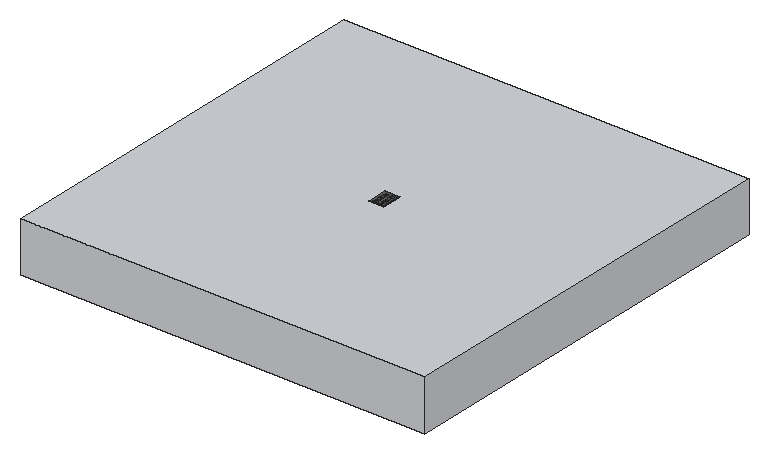
Revit family "Capacitive_touch_switch-TMDP6-AA_-AW_-PA_-PS_PW", category Equipos especializados, Revit 2018
Family settings
  Anfitrión = Cara
  Cota de conector redondo = Diámetro de uso
  Tipo de pieza = Normal
  Corte con vacíos al cargar = No
  Compartido = No
  Punto de cálculo de habitación = No
Parameters (values of type "ZVI-TMDP6-AA_flush")
  Width = 90.2 mm  # constant formula
  Weight = if(Constraints = 1, "180g", if(Constraints = 2, "140g", ""))  # "180g"
  Voltage typical (KNX supply) = "29VDC SELV"  # constant formula
  Voltage range (KNX supply) = "21...31VDC"  # constant formula
  URL = "http://www.zennio.com/en"
  Comentarios de tipo = "Completely customized image for printout glass through web application"  # constant formula
  Thermostats = 1  # constant formula
  Temperature sensor = "Built-in temperature sensor"  # constant formula
  Surface = if(Constraints3 = 1, 1 = 1, 1 = 0)  # no
  Storage temperature = "-20ºC to +60ºC"  # constant formula
  Storage humidity = "30 to 85% RH (no condensation)"  # constant formula
  Protection class = "III"  # constant formula
  Product Page URL = "http://www.zennio.com/products/capacitive-switch/tmd-plus"
  PCB CTI index = "175 V"  # constant formula
  Orientation = "Vertical or horizontal position"  # constant formula
  Operation type = "Continuous operation"  # constant formula
  Operating temperature = "5ºC to +40ºC"  # constant formula
  Operating humidity = "30 to 85% RH (no condensation)"  # constant formula
  Modelo = if(and(Constraints = 1, Constraints2 = 1, Constraints3 = 1), "ZVI-TMDP6-AA_surface", if(and(Constraints = 1, Constraints2 = 1, Constraints3 = 2), "ZVI-TMDP6-AA_flush", if(and(Constraints = 2, Constraints2 = 1, Constraints3 = 1), "ZVI-TMDP6-PA_surface", if(and(Constraints = 2, Constraints2 = 1, Constraints3 = 2), "ZVI-TMDP6-PA_flush", if(and(Constraints = 1, Constraints2 = 2, Constraints3 = 1), "ZVI-TMDP6_surface", if(and(Constraints = 1, Constraints2 = 2, Constraints3 = 2), "ZVI-TMDP6_flush", if(and(Constraints = 2, Constraints2 = 2, Constraints3 = 1), "ZVI-TMDP6-P_surface", if(and(Constraints = 2, Constraints2 = 2, Constraints3 = 2), "ZVI-TMDP6-P_flush", if(and(Constraints = 1, Constraints2 = 3, Constraints3 = 1), "ZVI-TMDP6-AW_surface", if(and(Constraints = 1, Constraints2 = 3, Constraints3 = 2), "ZVI-TMDP6-AW_flush", if(and(Constraints = 2, Constraints2 = 3, Constraints3 = 1), "ZVI-TMDP6-PW_surface", if(and(Constraints = 2, Constraints2 = 3, Constraints3 = 2), "ZVI-TMDP6-PW_flush", " "))))))))))))  # "ZVI-TMDP6-AA_flush"
  Maximum consumption 29 VDC typical = "7mA"  # constant formula
  Maximum consumption 24 VDC = "8,5mA"  # constant formula
  Manufacturer Phone Number = "+34 925 232 002"  # constant formula
  Manufacturer Email = "info@zennio.com"  # constant formula
  Manufacturer Address = "C/ Río Jarama, 132. Nave P-8.11. 45007 Toledo. España"  # constant formula
  Fabricante = "Zennio Avance y Tecnología, S.L."  # constant formula
  Nota clave = "6 main touch areas and 5 auxiliary touch areas. State LED indicators with custom luminosity"  # constant formula
  Housing material = PC/ABS FR V0 halogen free - Anthracite
  Height = 122.7 mm  # constant formula
  Frame material = Aluminium frame
  Flush = if(Constraints3 = 2, 1 = 1, 1 = 0)  # yes
  Fit = "Magnetic fit. Metallic stand included"  # constant formula
  External power supply connection = "No power supply different from the bus needed"  # constant formula
  Electrical stress period = "Long"  # constant formula
  Device action type = "Type 1"  # constant formula
  Descripción = "KNX Capacitive Touch Switch with 6 buttons"  # constant formula
  Depth_total = 25 mm  # constant formula
  Depth = 12 mm  # constant formula
  Degree of protection = "IP20, clean environment"  # constant formula
  Default Elevation = 1219.2 mm
  Copyright = "© 2017 Zennio Avance y Tecnología, S.L."  # constant formula
  Constraints3 = 2
  Constraints2 = 1
  Constraints = 1
  Connection type = "Typical TP1 bus connector for rigid cable 0.80 mm diameter"  # constant formula
  Complementary characteristics = "Class B"  # constant formula
  BCU = "Integrated KNX BCU"  # constant formula
  Analog/digital inputs = 2  # constant formula
Types (13, lengths in mm): name | Weight | Surface | Modelo | Housing material | Frame material | Flush | Constraints3 | Constraints2 | Constraints
  (no name) | "180g" | no | "ZVI-TMDP6-AA_flush" | PC/ABS FR V0 halogen free - Anthracite | Aluminium frame | yes | 2 | 1 | 1
  ZVI-TMDP6-PA_surface | "140g" | yes | "ZVI-TMDP6-PA_surface" | PC/ABS FR V0 halogen free - Anthracite | Polycarbonate frame - Anthracite | no | 1 | 1 | 2
  ZVI-TMDP6-PA_flush | "140g" | no | "ZVI-TMDP6-PA_flush" | PC/ABS FR V0 halogen free - Anthracite | Polycarbonate frame - Anthracite | yes | 2 | 1 | 2
  ZVI-TMDP6-AA_surface | "180g" | yes | "ZVI-TMDP6-AA_surface" | PC/ABS FR V0 halogen free - Anthracite | Aluminium frame | no | 1 | 1 | 1
  ZVI-TMDP6-AA_flush | "180g" | no | "ZVI-TMDP6-AA_flush" | PC/ABS FR V0 halogen free - Anthracite | Aluminium frame | yes | 2 | 1 | 1
  ZVI-TMDP6-AW_surface | "180g" | yes | "ZVI-TMDP6-AW_surface" | PC/ABS FR V0 halogen free - White | Aluminium frame | no | 1 | 3 | 1
  ZVI-TMDP6-PW_surface | "140g" | yes | "ZVI-TMDP6-PW_surface" | PC/ABS FR V0 halogen free - White | Polycarbonate frame - White | no | 1 | 3 | 2
  ZVI-TMDP6-AW_flush | "180g" | no | "ZVI-TMDP6-AW_flush" | PC/ABS FR V0 halogen free - White | Aluminium frame | yes | 2 | 3 | 1
  ZVI-TMDP6-PW_flush | "140g" | no | "ZVI-TMDP6-PW_flush" | PC/ABS FR V0 halogen free - White | Polycarbonate frame - White | yes | 2 | 3 | 2
  ZVI-TMDP6_surface | "180g" | yes | "ZVI-TMDP6_surface" | PC/ABS FR V0 halogen free - Silver | Aluminium frame | no | 1 | 2 | 1
  ZVI-TMDP6-P_surface | "140g" | yes | "ZVI-TMDP6-P_surface" | PC/ABS FR V0 halogen free - Silver | Polycarbonate frame - Silver | no | 1 | 2 | 2
  ZVI-TMDP6_flush | "180g" | no | "ZVI-TMDP6_flush" | PC/ABS FR V0 halogen free - Silver | Aluminium frame | yes | 2 | 2 | 1
  ZVI-TMDP6-P_flush | "140g" | no | "ZVI-TMDP6-P_flush" | PC/ABS FR V0 halogen free - Silver | Polycarbonate frame - Silver | yes | 2 | 2 | 2
Reference planes
  plane 1 "Center (Front/Back)": y = 0
  plane 2 "Ref. 1 top bis": z = 0
  plane 3 "Center (Left/Right)": x = 0
  plane 4 "Ref. left 1": x = -45.1
  plane 5 "Ref. 1 right": x = 45.1
  plane 6 "Ref. 1 front": y = 61.35
  plane 7 "Ref. 1 back": y = -61.35
  plane 8 "Ref. 2 front": y = 59.4
  plane 9 "Ref. 2 back": y = -59.4
  plane 10 "Ref. 2 left": x = -43.1
  plane 11 "Ref. 2 right": x = 43.1
  plane 12 "Ref. 1 top": z = 12
  plane 13 "Ref. 1 bottom": z = -13
  plane 14 "Ref. 2 bottom": z = 3
  plane 15 "Ref. 2 top": z = 10.5
  plane 16 "Ref. 3 bottom": z = 11
  plane 17 "Ref. 1 left bis": x = -45.1
  plane 18 "Ref. 2 left bis": x = -43.1
  plane 19 "Ref. 1 right bis": x = 45.1
  plane 20 "Ref. 2 right bis": x = 43.1
  plane 21 "Ref. 1 front bis": y = 61.35
  plane 22 "Ref. 2 front bis": y = 59.4
  plane 23 "Ref. 1 back bis": y = -61.35
  plane 24 "Ref. 2 back bis": y = -59.4
  plane 25 "Ref. 1 bottom bis": z = -25
  plane 26 "Ref. 2 bottom bis": z = -12
  plane 27 "Ref. 3 bottom bis": z = -9
  plane 28 "Ref. 3 top bis": z = -1.5
  plane 29 "Ref. 4 bottom bis": z = -1
  plane 30 "Ref. 3 left": x = -25.8
  plane 31 "Ref. 3 right": x = -9
  plane 32 "Ref. 4 right": x = 25.8
  plane 33 "Ref. 4 left": x = 9
  plane 34 "Ref. 7 back": y = -51.9
  plane 35 "Ref. 7 front": y = -50.3
  plane 36 "Ref. 3.1 right": x = -24.2
  plane 37 "Ref. 4.1 left": x = 24.2
  plane 38 "Ref. 5 left": x = -13.3
  plane 39 "Ref. 5 right": x = -11.7
  plane 40 "Ref. 6 left": x = -0.8
  plane 41 "Ref. 6 right": x = 0.8
  plane 42 "Ref. 7 left": x = 11.7
  plane 43 "Ref. 7 right": x = 13.3
  plane 44 "Ref. 3 left bis": x = -25.8
  plane 45 "Ref. 3 right bis": x = -9
  plane 46 "Ref. 4 right bis": x = 25.8
  plane 47 "Ref. 4 left bis": x = 9
  plane 48 "Ref. 7 back bis": y = -51.9
  plane 49 "Ref. 7 front bis": y = -50.3
  plane 50 "Ref 3.1 right bis": x = -24.2
  plane 51 "Ref. 4.1 left bis": x = 24.2
  plane 52 "Ref. 5 left bis": x = -13.3
  plane 53 "Ref. 5 right bis": x = -11.7
  plane 54 "Ref. 6 left bis": x = -0.8
  plane 55 "Ref. 6 right bis": x = 0.8
  plane 56 "Ref. 7 left bis": x = 11.7
  plane 57 "Ref. 7 right bis": x = 13.3
  plane 58 "Ref. 3 front": y = 43.4
  plane 59 "Ref. 3 back": y = 26.6
  plane 60 "Ref. 4 front": y = 13.4
  plane 61 "Ref. 4 back": y = -3.4
  plane 62 "Ref. 5 front": y = -16.6
  plane 63 "Ref. 5 back": y = -33.4
  plane 64 "Ref. 3 front bis": y = 43.4
  plane 65 "Ref. 3 back bis": y = 26.6
  plane 66 "Ref. 4 front bis": y = 13.4
  plane 67 "Ref. 4 back bis": y = -3.4
  plane 68 "Ref. 5 front bis": y = -16.6
  plane 69 "Ref. 5 back bis": y = -33.4
Forms (mm)
  Extrusion 1, solid
    sketch origin (0, 0, 0) x (1, 0, 0) y (0, 1, 0)
      loop
        line (-1219.2, 1219.2) -> (-1219.2, -1219.2) -> (1219.2, -1219.2) -> (1219.2, 1219.2) -> (-1219.2, 1219.2)
    from 0 to -304.8
  Extrusion 2, solid, material "Aluminium frame" <- "Frame material", visible <- "Surface", detail levels coarse
    sketch origin (0, 0, 0) x (1, 0, 0) y (0, 1, 0)
      loop
        line (-45.1, -61.35) -> (45.1, -61.35) -> (45.1, 61.35) -> (-45.1, 61.35) -> (-45.1, -61.35)
    from 3 to 10.5
  Extrusion 3, solid, material "Aluminium frame" <- "Frame material", visible <- "Surface", detail levels medium+fine
    sketch origin (0, 0, 0) x (1, 0, 0) y (0, 1, 0)
      loop
        arc (-43.1, 61.35) -> (-44.514, 60.764) -> (-45.1, 59.35) r 2
        line (-45.1, 59.35) -> (-45.1, -59.35)
        arc (-45.1, -59.35) -> (-44.514, -60.764) -> (-43.1, -61.35) r 2
        line (-43.1, -61.35) -> (43.05, -61.35)
        arc (43.05, -61.35) -> (44.5, -60.75) -> (45.1, -59.3) r 2.05
        line (45.1, -59.3) -> (45.1, 59.35)
        arc (45.1, 59.35) -> (44.514, 60.764) -> (43.1, 61.35) r 2
        line (43.1, 61.35) -> (-43.1, 61.35)
    from 3 to 10.5
  Extrusion 4, solid, material "PC/ABS FR V0 halogen free - Anthracite" <- "Housing material", visible <- "Surface"
    sketch origin (0, 0, 0) x (1, 0, 0) y (0, 1, 0)
      loop
        line (-14, 25) -> (-25, 14) -> (-25, -14) -> (-14, -25) -> (14, -25) -> (25, -14) -> (25, 13.994) -> (13.994, 25) -> (-14, 25)
    from -13 to 0
  Extrusion 5, solid, material "PC/ABS FR V0 halogen free - Anthracite" <- "Housing material", visible <- "Surface"
    sketch origin (0, 0, 0) x (1, 0, 0) y (0, 1, 0)
      loop
        line (42.6, 59.4) -> (-42.6, 59.4)
        arc (-42.6, 59.4) -> (-42.954, 59.254) -> (-43.1, 58.9) r 0.5
        line (-43.1, 58.9) -> (-43.1, -58.9)
        arc (-43.1, -58.9) -> (-42.954, -59.254) -> (-42.6, -59.4) r 0.5
        line (-42.6, -59.4) -> (42.6, -59.4)
        arc (42.6, -59.4) -> (42.954, -59.254) -> (43.1, -58.9) r 0.5
        line (43.1, -58.9) -> (43.1, 58.9)
        arc (43.1, 58.9) -> (42.954, 59.254) -> (42.6, 59.4) r 0.5
    from 0 to 12
  Extrusion 6, solid, material "Aluminium frame" <- "Frame material", visible <- "Flush", detail levels coarse
    sketch origin (0, 0, 0) x (1, 0, 0) y (0, 1, 0)
      loop
        line (-45.1, 61.35) -> (-45.1, -61.35) -> (45.1, -61.35) -> (45.1, 61.35) -> (-45.1, 61.35)
    from -9 to -1.5
  Extrusion 7, solid, material "Aluminium frame" <- "Frame material", visible <- "Flush", detail levels medium+fine
    sketch origin (0, 0, 0) x (1, 0, 0) y (0, 1, 0)
      loop
        arc (-43.1, 61.35) -> (-44.514, 60.764) -> (-45.1, 59.35) r 2
        line (-45.1, 59.35) -> (-45.1, -59.35)
        arc (-45.1, -59.35) -> (-44.514, -60.764) -> (-43.1, -61.35) r 2
        line (-43.1, -61.35) -> (43.1, -61.35)
        arc (43.1, -61.35) -> (44.514, -60.764) -> (45.1, -59.35) r 2
        line (45.1, -59.35) -> (45.1, 59.35)
        arc (45.1, 59.35) -> (44.514, 60.764) -> (43.1, 61.35) r 2
        line (43.1, 61.35) -> (-43.1, 61.35)
    from -9 to -1.5
  Extrusion 8, solid, material "PC/ABS FR V0 halogen free - Anthracite" <- "Housing material", visible <- "Flush"
    sketch origin (0, 0, 0) x (1, 0, 0) y (0, 1, 0)
      loop
        arc (-42.6, 59.4) -> (-42.954, 59.254) -> (-43.1, 58.9) r 0.5
        line (-43.1, 58.9) -> (-43.1, -58.9)
        arc (-43.1, -58.9) -> (-42.954, -59.254) -> (-42.6, -59.4) r 0.5
        line (-42.6, -59.4) -> (42.6, -59.4)
        arc (42.6, -59.4) -> (42.954, -59.254) -> (43.1, -58.9) r 0.5
        line (43.1, -58.9) -> (43.1, 58.9)
        arc (43.1, 58.9) -> (42.954, 59.254) -> (42.6, 59.4) r 0.5
        line (42.6, 59.4) -> (-42.6, 59.4)
    from -12 to 0
  Extrusion 9, solid, material "PC/ABS FR V0 halogen free - Anthracite" <- "Housing material", visible <- "Flush"
    sketch origin (0, 0, 0) x (1, 0, 0) y (0, 1, 0)
      loop
        line (-14, 25) -> (-25, 14) -> (-25, -14) -> (-14, -25) -> (14, -25) -> (25, -14) -> (25, 14) -> (14, 25) -> (-14, 25)
    from -25 to -12
  Extrusion 10, solid, material "PC/ABS FR V0 halogen free - Anthracite" <- "Housing material", visible <- "Surface", detail levels medium+fine
    sketch origin (0, 0, 0) x (1, 0, 0) y (0, 1, 0)
      loop
        line (-25.8, -50.3) -> (-25.8, -51.9) -> (-24.2, -51.9) -> (-24.2, -50.3) -> (-25.8, -50.3)
    from 11 to 12
  Extrusion 11, solid, material "PC/ABS FR V0 halogen free - Anthracite" <- "Housing material", visible <- "Surface", detail levels medium+fine
    sketch origin (30.442, -58.685, 0) x (1, 0, 0) y (0, 1, 0)
      loop
        line (-43.742, 8.385) -> (-43.742, 6.785) -> (-42.142, 6.785) -> (-42.142, 8.385) -> (-43.742, 8.385)
    from 11 to 12
  Extrusion 12, solid, material "PC/ABS FR V0 halogen free - Anthracite" <- "Housing material", visible <- "Surface", detail levels medium+fine
    sketch origin (25, 0, 0) x (1, 0, 0) y (0, 1, 0)
      loop
        line (-25.8, -50.3) -> (-25.8, -51.9) -> (-24.2, -51.9) -> (-24.2, -50.3) -> (-25.8, -50.3)
    from 11 to 12
  Extrusion 13, solid, material "PC/ABS FR V0 halogen free - Anthracite" <- "Housing material", visible <- "Surface", detail levels medium+fine
    sketch origin (50, 0, 0) x (1, 0, 0) y (0, 1, 0)
      loop
        line (-25.8, -50.3) -> (-25.8, -51.9) -> (-24.2, -51.9) -> (-24.2, -50.3) -> (-25.8, -50.3)
    from 11 to 12
  Extrusion 14, solid, material "PC/ABS FR V0 halogen free - Anthracite" <- "Housing material", visible <- "Surface", detail levels medium+fine
    sketch origin (37.5, 0, 0) x (1, 0, 0) y (0, 1, 0)
      loop
        line (-25.8, -50.3) -> (-25.8, -51.9) -> (-24.2, -51.9) -> (-24.2, -50.3) -> (-25.8, -50.3)
    from 11 to 12
  Extrusion 15, solid, material "PC/ABS FR V0 halogen free - Anthracite" <- "Housing material", visible <- "Flush", detail levels medium+fine
    sketch origin (345, 0, 0) x (1, 0, 0) y (0, 1, 0)
      loop
        line (-370.8, -50.3) -> (-370.8, -51.9) -> (-369.2, -51.9) -> (-369.2, -50.3) -> (-370.8, -50.3)
    from -1 to 0
  Extrusion 16, solid, material "PC/ABS FR V0 halogen free - Anthracite" <- "Housing material", visible <- "Flush", detail levels medium+fine
    sketch origin (357.5, 0, 0) x (1, 0, 0) y (0, 1, 0)
      loop
        line (-370.8, -50.3) -> (-370.8, -51.9) -> (-369.2, -51.9) -> (-369.2, -50.3) -> (-370.8, -50.3)
    from -1 to 0
  Extrusion 17, solid, material "PC/ABS FR V0 halogen free - Anthracite" <- "Housing material", visible <- "Flush", detail levels medium+fine
    sketch origin (370, 0, 0) x (1, 0, 0) y (0, 1, 0)
      loop
        line (-370.8, -50.3) -> (-370.8, -51.9) -> (-369.2, -51.9) -> (-369.2, -50.3) -> (-370.8, -50.3)
    from -1 to 0
  Extrusion 18, solid, material "PC/ABS FR V0 halogen free - Anthracite" <- "Housing material", visible <- "Flush", detail levels medium+fine
    sketch origin (382.5, 0, 0) x (1, 0, 0) y (0, 1, 0)
      loop
        line (-370.8, -50.3) -> (-370.8, -51.9) -> (-369.2, -51.9) -> (-369.2, -50.3) -> (-370.8, -50.3)
    from -1 to 0
  Extrusion 19, solid, material "PC/ABS FR V0 halogen free - Anthracite" <- "Housing material", visible <- "Flush", detail levels medium+fine
    sketch origin (395, 0, 0) x (1, 0, 0) y (0, 1, 0)
      loop
        line (-370.8, -50.3) -> (-370.8, -51.9) -> (-369.2, -51.9) -> (-369.2, -50.3) -> (-370.8, -50.3)
    from -1 to 0
  Extrusion 20, solid, material "PC/ABS FR V0 halogen free - Anthracite" <- "Housing material", visible <- "Flush"
    sketch origin (345, -5.4, 0) x (1, 0, 0) y (0, 1, 0)
      loop
        line (-370.8, 48.8) -> (-370.8, 32) -> (-354, 32) -> (-354, 48.8) -> (-370.8, 48.8)
    from -1 to 0
  Extrusion 21, solid, material "PC/ABS FR V0 halogen free - Anthracite" <- "Housing material", visible <- "Flush"
    sketch origin (345, -35.4, 0) x (1, 0, 0) y (0, 1, 0)
      loop
        line (-370.8, 48.8) -> (-370.8, 32) -> (-354, 32) -> (-354, 48.8) -> (-370.8, 48.8)
    from -1 to 0
  Extrusion 22, solid, material "PC/ABS FR V0 halogen free - Anthracite" <- "Housing material", visible <- "Flush"
    sketch origin (345, -65.4, 0) x (1, 0, 0) y (0, 1, 0)
      loop
        line (-370.8, 48.8) -> (-370.8, 32) -> (-354, 32) -> (-354, 48.8) -> (-370.8, 48.8)
    from -1 to 0
  Extrusion 23, solid, material "PC/ABS FR V0 halogen free - Anthracite" <- "Housing material", visible <- "Flush"
    sketch origin (379.8, -5.4, 0) x (1, 0, 0) y (0, 1, 0)
      loop
        line (-370.8, 48.8) -> (-370.8, 32) -> (-354, 32) -> (-354, 48.8) -> (-370.8, 48.8)
    from -1 to 0
  Extrusion 24, solid, material "PC/ABS FR V0 halogen free - Anthracite" <- "Housing material", visible <- "Flush"
    sketch origin (379.8, -35.4, 0) x (1, 0, 0) y (0, 1, 0)
      loop
        line (-370.8, 48.8) -> (-370.8, 32) -> (-354, 32) -> (-354, 48.8) -> (-370.8, 48.8)
    from -1 to 0
  Extrusion 25, solid, material "PC/ABS FR V0 halogen free - Anthracite" <- "Housing material", visible <- "Flush"
    sketch origin (379.8, -65.4, 0) x (1, 0, 0) y (0, 1, 0)
      loop
        line (-370.8, 48.8) -> (-370.8, 32) -> (-354, 32) -> (-354, 48.8) -> (-370.8, 48.8)
    from -1 to 0
  Extrusion 26, solid, material "PC/ABS FR V0 halogen free - Anthracite" <- "Housing material", visible <- "Surface"
    sketch origin (345, -5.4, 0) x (1, 0, 0) y (0, 1, 0)
      loop
        line (-370.8, 48.8) -> (-370.8, 32) -> (-354, 32) -> (-354, 48.8) -> (-370.8, 48.8)
    from 11 to 12
  Extrusion 27, solid, material "PC/ABS FR V0 halogen free - Anthracite" <- "Housing material", visible <- "Surface"
    sketch origin (345, -35.4, 0) x (1, 0, 0) y (0, 1, 0)
      loop
        line (-370.8, 48.8) -> (-370.8, 32) -> (-354, 32) -> (-354, 48.8) -> (-370.8, 48.8)
    from 11 to 12
  Extrusion 28, solid, material "PC/ABS FR V0 halogen free - Anthracite" <- "Housing material", visible <- "Surface"
    sketch origin (345, -65.4, 0) x (1, 0, 0) y (0, 1, 0)
      loop
        line (-370.8, 48.8) -> (-370.8, 32) -> (-354, 32) -> (-354, 48.8) -> (-370.8, 48.8)
    from 11 to 12
  Extrusion 29, solid, material "PC/ABS FR V0 halogen free - Anthracite" <- "Housing material", visible <- "Surface"
    sketch origin (379.8, -5.4, 0) x (1, 0, 0) y (0, 1, 0)
      loop
        line (-370.8, 48.8) -> (-370.8, 32) -> (-354, 32) -> (-354, 48.8) -> (-370.8, 48.8)
    from 11 to 12
  Extrusion 30, solid, material "PC/ABS FR V0 halogen free - Anthracite" <- "Housing material", visible <- "Surface"
    sketch origin (379.8, -35.4, 0) x (1, 0, 0) y (0, 1, 0)
      loop
        line (-370.8, 48.8) -> (-370.8, 32) -> (-354, 32) -> (-354, 48.8) -> (-370.8, 48.8)
    from 11 to 12
  Extrusion 31, solid, material "PC/ABS FR V0 halogen free - Anthracite" <- "Housing material", visible <- "Surface"
    sketch origin (379.8, -65.4, 0) x (1, 0, 0) y (0, 1, 0)
      loop
        line (-370.8, 48.8) -> (-370.8, 32) -> (-354, 32) -> (-354, 48.8) -> (-370.8, 48.8)
    from 11 to 12
Lines and regions (mm)
  reference lines
    curve 1: line (13.994, 25, 0) -> (-14, 25, 0)
    curve 2: line (-25, 14, 0) -> (-25, -14, 0)
    curve 3: line (-14, 25, 0) -> (-25, 14, 0)
    curve 4: line (25, -14, 0) -> (25, 13.994, 0)
    curve 5: line (14, -25, 0) -> (-14, -25, 0)
    curve 6: line (13.994, 25, 0) -> (25, 13.994, 0)
    curve 7: line (-25, -14, 0) -> (-14, -25, 0)
    curve 8: line (25, -14, 0) -> (14, -25, 0)
    curve 9: line (25, 0, -12) -> (-25, 0, -12)
    curve 10: line (-31, 25, -12) -> (31, 25, -12)
    curve 11: line (31, -25, -12) -> (-31, -25, -12)
    curve 12: line (25, 25, -12) -> (25, -25, -12)
    curve 13: line (-25, 25, -12) -> (-25, -25, -12)
    curve 14: line (-31, -8, -12) -> (-7.322, -31.678, -12)
    curve 15: line (31, -8, -12) -> (6.929, -32.071, -12)
    curve 16: line (8, 31, -12) -> (31, 8, -12)
    curve 17: line (-8, 31, -12) -> (-31, 8, -12)
Dimensions and locks
  equal spacing: plane 7 "Ref. 1 back", plane 1 "Center (Front/Back)", plane 6 "Ref. 1 front", locked at 61.35 each
  equal spacing: plane 4 "Ref. left 1", plane 3 "Center (Left/Right)", plane 5 "Ref. 1 right", locked at 45.1 each
  "Width": plane 4 "Ref. left 1" to plane 5 "Ref. 1 right"
  "Height": plane 7 "Ref. 1 back" to plane 6 "Ref. 1 front"
  equal spacing: plane 9 "Ref. 2 back", plane 1 "Center (Front/Back)", plane 8 "Ref. 2 front", locked at 59.4 each
  equal spacing: plane 10 "Ref. 2 left", plane 3 "Center (Left/Right)", plane 11 "Ref. 2 right", locked at 43.1 each
  locked: plane 2 "Ref. 1 top bis" to plane 12 "Ref. 1 top" at 12
  locked: plane 16 "Ref. 3 bottom" to plane 12 "Ref. 1 top" at 1
  locked: plane 15 "Ref. 2 top" to plane 16 "Ref. 3 bottom" at 0.5
  locked: plane 14 "Ref. 2 bottom" to plane 15 "Ref. 2 top" at 7.5
  equal spacing: plane 17 "Ref. 1 left bis", plane 3 "Center (Left/Right)", plane 19 "Ref. 1 right bis", locked at 45.1 each
  "Width": plane 17 "Ref. 1 left bis" to plane 19 "Ref. 1 right bis"
  equal spacing: plane 18 "Ref. 2 left bis", plane 3 "Center (Left/Right)", plane 20 "Ref. 2 right bis", locked at 43.1 each
  equal spacing: plane 23 "Ref. 1 back bis", plane 1 "Center (Front/Back)", plane 21 "Ref. 1 front bis", locked at 61.35 each
  "Height": plane 23 "Ref. 1 back bis" to plane 21 "Ref. 1 front bis"
  equal spacing: plane 24 "Ref. 2 back bis", plane 1 "Center (Front/Back)", plane 22 "Ref. 2 front bis", locked at 59.4 each
  locked: plane 26 "Ref. 2 bottom bis" to level at 12
  locked: plane 29 "Ref. 4 bottom bis" to plane 2 "Ref. 1 top bis" at 1
  locked: plane 28 "Ref. 3 top bis" to plane 29 "Ref. 4 bottom bis" at 0.5
  locked: plane 27 "Ref. 3 bottom bis" to plane 28 "Ref. 3 top bis" at 7.5
  locked: plane 25 "Ref. 1 bottom bis" to plane 2 "Ref. 1 top bis" at 25
  locked: plane 13 "Ref. 1 bottom" to plane 12 "Ref. 1 top" at 25
  plane 30 "Ref. 3 left" to plane 31 "Ref. 3 right" to plane 33 "Ref. 4 left" to plane 32 "Ref. 4 right" to plane 5 "Ref. 1 right" = 16.8 mm locked, 18 mm locked, 16.8 mm locked, 19.3 mm locked
  plane 44 "Ref. 3 left bis" to plane 45 "Ref. 3 right bis" to plane 47 "Ref. 4 left bis" to plane 46 "Ref. 4 right bis" to plane 19 "Ref. 1 right bis" = 16.8 mm locked, 18 mm locked, 16.8 mm locked, 19.3 mm locked
  plane 50 "Ref 3.1 right bis" to plane 52 "Ref. 5 left bis" to plane 53 "Ref. 5 right bis" to plane 54 "Ref. 6 left bis" to plane 55 "Ref. 6 right bis" to plane 56 "Ref. 7 left bis" to plane 57 "Ref. 7 right bis" to plane 51 "Ref. 4.1 left bis" to plane 46 "Ref. 4 right bis" = 10.9 mm locked, 1.6 mm locked, 10.9 mm locked, 1.6 mm locked, 10.9 mm locked, 1.6 mm locked, 10.9 mm locked, 1.6 mm locked
  plane 36 "Ref. 3.1 right" to plane 38 "Ref. 5 left" to plane 39 "Ref. 5 right" to plane 40 "Ref. 6 left" to plane 41 "Ref. 6 right" to plane 42 "Ref. 7 left" to plane 43 "Ref. 7 right" to plane 37 "Ref. 4.1 left" to plane 32 "Ref. 4 right" = 10.9 mm locked, 1.6 mm locked, 10.9 mm locked, 1.6 mm locked, 10.9 mm locked, 1.6 mm locked, 10.9 mm locked, 1.6 mm locked
  plane 34 "Ref. 7 back" to plane 35 "Ref. 7 front" to plane 63 "Ref. 5 back" to plane 62 "Ref. 5 front" to plane 61 "Ref. 4 back" to plane 60 "Ref. 4 front" to plane 59 "Ref. 3 back" to plane 58 "Ref. 3 front" to plane 6 "Ref. 1 front" = 1.6 mm locked, 16.9 mm locked, 16.8 mm locked, 13.2 mm locked, 16.8 mm locked, 13.2 mm locked, 16.8 mm locked, 17.95 mm locked
  plane 48 "Ref. 7 back bis" to plane 49 "Ref. 7 front bis" to plane 69 "Ref. 5 back bis" to plane 68 "Ref. 5 front bis" to plane 67 "Ref. 4 back bis" to plane 66 "Ref. 4 front bis" to plane 65 "Ref. 3 back bis" to plane 64 "Ref. 3 front bis" to plane 21 "Ref. 1 front bis" = 1.6 mm locked, 16.9 mm locked, 16.8 mm locked, 13.2 mm locked, 16.8 mm locked, 13.2 mm locked, 16.8 mm locked, 17.95 mm locked
  aligned and locked: plane 2 "Ref. 1 top bis" to Extrusion 1
  aligned and locked: level to Extrusion 1
  aligned and locked: curve 3 to Extrusion 4
  aligned and locked: curve 1 to Extrusion 4
  aligned and locked: curve 6 to Extrusion 4
  aligned and locked: curve 4 to Extrusion 4
  aligned and locked: curve 8 to Extrusion 4
  aligned and locked: curve 5 to Extrusion 4
  aligned and locked: curve 7 to Extrusion 4
  aligned and locked: curve 2 to Extrusion 4
  aligned and locked: Extrusion 3 to plane 6 "Ref. 1 front"
  aligned and locked: Extrusion 2 to plane 6 "Ref. 1 front"
  aligned and locked: plane 4 "Ref. left 1" to Extrusion 3
  aligned and locked: plane 4 "Ref. left 1" to Extrusion 2
  aligned and locked: plane 7 "Ref. 1 back" to Extrusion 3
  aligned and locked: plane 7 "Ref. 1 back" to Extrusion 2
  aligned and locked: Extrusion 3 to plane 5 "Ref. 1 right"
  aligned and locked: Extrusion 2 to plane 5 "Ref. 1 right"
  aligned and locked: Extrusion 5 to plane 8 "Ref. 2 front"
  aligned and locked: plane 10 "Ref. 2 left" to Extrusion 5
  aligned and locked: plane 9 "Ref. 2 back" to Extrusion 5
  aligned and locked: Extrusion 5 to plane 11 "Ref. 2 right"
  aligned and locked: plane 13 "Ref. 1 bottom" to Extrusion 4
  aligned and locked: Extrusion 5 to plane 2 "Ref. 1 top bis"
  aligned and locked: Extrusion 5 to plane 12 "Ref. 1 top"
  aligned and locked: plane 14 "Ref. 2 bottom" to Extrusion 3
  aligned and locked: Extrusion 3 to plane 15 "Ref. 2 top"
  aligned and locked: plane 2 "Ref. 1 top bis" to Extrusion 4
  aligned and locked: plane 17 "Ref. 1 left bis" to Extrusion 7
  aligned and locked: plane 17 "Ref. 1 left bis" to Extrusion 6
  aligned and locked: plane 18 "Ref. 2 left bis" to Extrusion 8
  aligned and locked: Extrusion 7 to plane 19 "Ref. 1 right bis"
  aligned and locked: Extrusion 6 to plane 19 "Ref. 1 right bis"
  aligned and locked: Extrusion 8 to plane 20 "Ref. 2 right bis"
  aligned and locked: Extrusion 7 to plane 21 "Ref. 1 front bis"
  aligned and locked: Extrusion 6 to plane 21 "Ref. 1 front bis"
  aligned and locked: Extrusion 8 to plane 22 "Ref. 2 front bis"
  aligned and locked: plane 24 "Ref. 2 back bis" to Extrusion 8
  aligned and locked: plane 23 "Ref. 1 back bis" to Extrusion 7
  aligned and locked: plane 23 "Ref. 1 back bis" to Extrusion 6
  aligned and locked: plane 25 "Ref. 1 bottom bis" to Extrusion 9
  aligned and locked: plane 26 "Ref. 2 bottom bis" to Extrusion 8
  aligned and locked: Extrusion 8 to plane 26 "Ref. 2 bottom bis"
  aligned and locked: plane 2 "Ref. 1 top bis" to Extrusion 8
  aligned and locked: plane 27 "Ref. 3 bottom bis" to Extrusion 7
  aligned and locked: Extrusion 6 to plane 28 "Ref. 3 top bis"
  aligned and locked: Extrusion 9 to plane 26 "Ref. 2 bottom bis"
  aligned and locked: Extrusion 7 to plane 28 "Ref. 3 top bis"
  aligned and locked: curve 17 to Extrusion 9
  aligned and locked: curve 13 to Extrusion 9
  aligned and locked: curve 14 to Extrusion 9
  aligned and locked: Extrusion 9 to curve 11
  aligned and locked: Extrusion 9 to curve 15
  aligned and locked: Extrusion 9 to curve 12
  aligned and locked: Extrusion 9 to curve 16
  aligned and locked: Extrusion 9 to curve 10
  aligned and locked: plane 35 "Ref. 7 front" to Extrusion 10
  aligned and locked: plane 35 "Ref. 7 front" to Extrusion 11
  aligned and locked: plane 35 "Ref. 7 front" to Extrusion 12
  aligned and locked: plane 35 "Ref. 7 front" to Extrusion 14
  aligned and locked: plane 35 "Ref. 7 front" to Extrusion 13
  aligned and locked: Extrusion 10 to plane 34 "Ref. 7 back"
  aligned and locked: Extrusion 11 to plane 34 "Ref. 7 back"
  aligned and locked: Extrusion 12 to plane 34 "Ref. 7 back"
  aligned and locked: Extrusion 14 to plane 34 "Ref. 7 back"
  aligned and locked: Extrusion 13 to plane 34 "Ref. 7 back"
  aligned and locked: plane 30 "Ref. 3 left" to Extrusion 10
  aligned and locked: plane 38 "Ref. 5 left" to Extrusion 11
  aligned and locked: plane 40 "Ref. 6 left" to Extrusion 12
  aligned and locked: plane 42 "Ref. 7 left" to Extrusion 14
  aligned and locked: Extrusion 13 to plane 37 "Ref. 4.1 left"
  aligned and locked: plane 36 "Ref. 3.1 right" to Extrusion 10
  aligned and locked: plane 39 "Ref. 5 right" to Extrusion 11
  aligned and locked: Extrusion 12 to plane 41 "Ref. 6 right"
  aligned and locked: Extrusion 14 to plane 43 "Ref. 7 right"
  aligned and locked: Extrusion 13 to plane 32 "Ref. 4 right"
  aligned and locked: Extrusion 13 to plane 12 "Ref. 1 top"
  aligned and locked: Extrusion 14 to plane 12 "Ref. 1 top"
  aligned and locked: Extrusion 12 to plane 12 "Ref. 1 top"
  aligned and locked: Extrusion 11 to plane 12 "Ref. 1 top"
  aligned and locked: Extrusion 10 to plane 12 "Ref. 1 top"
  aligned and locked: plane 16 "Ref. 3 bottom" to Extrusion 13
  aligned and locked: plane 16 "Ref. 3 bottom" to Extrusion 14
  aligned and locked: plane 16 "Ref. 3 bottom" to Extrusion 12
  aligned and locked: plane 16 "Ref. 3 bottom" to Extrusion 11
  aligned and locked: plane 16 "Ref. 3 bottom" to Extrusion 10
  aligned and locked: plane 49 "Ref. 7 front bis" to Extrusion 15
  aligned and locked: plane 49 "Ref. 7 front bis" to Extrusion 16
  aligned and locked: plane 49 "Ref. 7 front bis" to Extrusion 17
  aligned and locked: plane 49 "Ref. 7 front bis" to Extrusion 18
  aligned and locked: plane 49 "Ref. 7 front bis" to Extrusion 19
  aligned and locked: Extrusion 15 to plane 48 "Ref. 7 back bis"
  aligned and locked: Extrusion 16 to plane 48 "Ref. 7 back bis"
  aligned and locked: Extrusion 17 to plane 48 "Ref. 7 back bis"
  aligned and locked: Extrusion 18 to plane 48 "Ref. 7 back bis"
  aligned and locked: Extrusion 19 to plane 48 "Ref. 7 back bis"
  aligned and locked: plane 44 "Ref. 3 left bis" to Extrusion 15
  aligned and locked: plane 50 "Ref 3.1 right bis" to Extrusion 15
  aligned and locked: plane 52 "Ref. 5 left bis" to Extrusion 16
  aligned and locked: plane 53 "Ref. 5 right bis" to Extrusion 16
  aligned and locked: plane 54 "Ref. 6 left bis" to Extrusion 17
  aligned and locked: Extrusion 17 to plane 55 "Ref. 6 right bis"
  aligned and locked: plane 56 "Ref. 7 left bis" to Extrusion 18
  aligned and locked: Extrusion 18 to plane 57 "Ref. 7 right bis"
  aligned and locked: Extrusion 19 to plane 51 "Ref. 4.1 left bis"
  aligned and locked: Extrusion 19 to plane 46 "Ref. 4 right bis"
  aligned and locked: plane 29 "Ref. 4 bottom bis" to Extrusion 19
  aligned and locked: plane 29 "Ref. 4 bottom bis" to Extrusion 18
  aligned and locked: plane 29 "Ref. 4 bottom bis" to Extrusion 17
  aligned and locked: plane 29 "Ref. 4 bottom bis" to Extrusion 16
  aligned and locked: plane 29 "Ref. 4 bottom bis" to Extrusion 15
  aligned and locked: plane 2 "Ref. 1 top bis" to Extrusion 19
  aligned and locked: plane 2 "Ref. 1 top bis" to Extrusion 18
  aligned and locked: plane 2 "Ref. 1 top bis" to Extrusion 17
  aligned and locked: plane 2 "Ref. 1 top bis" to Extrusion 16
  aligned and locked: plane 2 "Ref. 1 top bis" to Extrusion 15
  aligned and locked: Extrusion 20 to plane 64 "Ref. 3 front bis"
  aligned and locked: Extrusion 23 to plane 64 "Ref. 3 front bis"
  aligned and locked: Extrusion 20 to plane 65 "Ref. 3 back bis"
  aligned and locked: Extrusion 23 to plane 65 "Ref. 3 back bis"
  aligned and locked: Extrusion 21 to plane 66 "Ref. 4 front bis"
  aligned and locked: Extrusion 24 to plane 66 "Ref. 4 front bis"
  aligned and locked: Extrusion 21 to plane 67 "Ref. 4 back bis"
  aligned and locked: Extrusion 24 to plane 67 "Ref. 4 back bis"
  aligned and locked: Extrusion 22 to plane 68 "Ref. 5 front bis"
  aligned and locked: Extrusion 25 to plane 68 "Ref. 5 front bis"
  aligned and locked: plane 69 "Ref. 5 back bis" to Extrusion 22
  aligned and locked: plane 69 "Ref. 5 back bis" to Extrusion 25
  aligned and locked: plane 44 "Ref. 3 left bis" to Extrusion 20
  aligned and locked: plane 44 "Ref. 3 left bis" to Extrusion 21
  aligned and locked: plane 44 "Ref. 3 left bis" to Extrusion 22
  aligned and locked: plane 45 "Ref. 3 right bis" to Extrusion 20
  aligned and locked: plane 45 "Ref. 3 right bis" to Extrusion 21
  aligned and locked: plane 45 "Ref. 3 right bis" to Extrusion 22
  aligned and locked: plane 47 "Ref. 4 left bis" to Extrusion 23
  aligned and locked: plane 47 "Ref. 4 left bis" to Extrusion 24
  aligned and locked: plane 47 "Ref. 4 left bis" to Extrusion 25
  aligned and locked: Extrusion 23 to plane 46 "Ref. 4 right bis"
  aligned and locked: Extrusion 24 to plane 46 "Ref. 4 right bis"
  aligned and locked: Extrusion 25 to plane 46 "Ref. 4 right bis"
  aligned and locked: Extrusion 26 to plane 58 "Ref. 3 front"
  aligned and locked: Extrusion 29 to plane 58 "Ref. 3 front"
  aligned and locked: Extrusion 26 to plane 59 "Ref. 3 back"
  aligned and locked: Extrusion 29 to plane 59 "Ref. 3 back"
  aligned and locked: Extrusion 27 to plane 60 "Ref. 4 front"
  aligned and locked: Extrusion 30 to plane 60 "Ref. 4 front"
  aligned and locked: Extrusion 27 to plane 61 "Ref. 4 back"
  aligned and locked: Extrusion 30 to plane 61 "Ref. 4 back"
  aligned and locked: Extrusion 28 to plane 62 "Ref. 5 front"
  aligned and locked: Extrusion 31 to plane 62 "Ref. 5 front"
  aligned and locked: plane 63 "Ref. 5 back" to Extrusion 28
  aligned and locked: plane 63 "Ref. 5 back" to Extrusion 31
  aligned and locked: plane 30 "Ref. 3 left" to Extrusion 26
  aligned and locked: plane 30 "Ref. 3 left" to Extrusion 27
  aligned and locked: plane 30 "Ref. 3 left" to Extrusion 28
  aligned and locked: plane 31 "Ref. 3 right" to Extrusion 26
  aligned and locked: plane 31 "Ref. 3 right" to Extrusion 27
  aligned and locked: plane 31 "Ref. 3 right" to Extrusion 28
  aligned and locked: plane 33 "Ref. 4 left" to Extrusion 29
  aligned and locked: plane 33 "Ref. 4 left" to Extrusion 30
  aligned and locked: plane 33 "Ref. 4 left" to Extrusion 31
  aligned and locked: Extrusion 29 to plane 32 "Ref. 4 right"
  aligned and locked: Extrusion 30 to plane 32 "Ref. 4 right"
  aligned and locked: Extrusion 31 to plane 32 "Ref. 4 right"
  aligned and locked: Extrusion 29 to plane 12 "Ref. 1 top"
  aligned and locked: Extrusion 26 to plane 12 "Ref. 1 top"
  aligned and locked: plane 16 "Ref. 3 bottom" to Extrusion 29
  aligned and locked: plane 16 "Ref. 3 bottom" to Extrusion 26
  aligned and locked: Extrusion 30 to plane 12 "Ref. 1 top"
  aligned and locked: Extrusion 27 to plane 12 "Ref. 1 top"
  aligned and locked: plane 16 "Ref. 3 bottom" to Extrusion 30
  aligned and locked: plane 16 "Ref. 3 bottom" to Extrusion 27
  aligned and locked: Extrusion 31 to plane 12 "Ref. 1 top"
  aligned and locked: Extrusion 28 to plane 12 "Ref. 1 top"
  aligned and locked: plane 16 "Ref. 3 bottom" to Extrusion 31
  aligned and locked: plane 16 "Ref. 3 bottom" to Extrusion 28
  aligned and locked: plane 2 "Ref. 1 top bis" to Extrusion 23
  aligned and locked: plane 2 "Ref. 1 top bis" to Extrusion 20
  aligned and locked: plane 29 "Ref. 4 bottom bis" to Extrusion 23
  aligned and locked: plane 29 "Ref. 4 bottom bis" to Extrusion 20
  aligned and locked: plane 2 "Ref. 1 top bis" to Extrusion 24
  aligned and locked: plane 29 "Ref. 4 bottom bis" to Extrusion 24
  aligned and locked: plane 2 "Ref. 1 top bis" to Extrusion 21
  aligned and locked: plane 29 "Ref. 4 bottom bis" to Extrusion 21
  aligned and locked: plane 2 "Ref. 1 top bis" to Extrusion 25
  aligned and locked: plane 2 "Ref. 1 top bis" to Extrusion 22
  aligned and locked: plane 29 "Ref. 4 bottom bis" to Extrusion 25
  aligned and locked: plane 29 "Ref. 4 bottom bis" to Extrusion 22
Automatic sketch dimensions
  Extrusion 1 sketch curve to Extrusion 1 sketch curve = 2438.4 mm  (x2)
  Extrusion 2 sketch curve to plane 4 "Ref. left 1" = 0 mm
  Extrusion 2 sketch curve to plane 5 "Ref. 1 right" = 0 mm
  plane 7 "Ref. 1 back" to Extrusion 2 sketch curve = 0 mm
  plane 6 "Ref. 1 front" to Extrusion 2 sketch curve = 0 mm
  Extrusion 3 sketch curve to plane 4 "Ref. left 1" = 0 mm
  plane 7 "Ref. 1 back" to Extrusion 3 sketch curve = 0 mm
  Extrusion 3 sketch curve to plane 10 "Ref. 2 left" = 0 mm  (x2)
  plane 6 "Ref. 1 front" to Extrusion 3 sketch curve = 0 mm
  Extrusion 3 sketch curve to plane 11 "Ref. 2 right" = 0 mm
  Extrusion 3 sketch curve to plane 5 "Ref. 1 right" = 0 mm
  plane 11 "Ref. 2 right" to Extrusion 3 sketch curve = 0.05 mm
  curve 7 to plane 30 "Ref. 3 left" = 0.8 mm
  plane 38 "Ref. 5 left" to curve 3 = 0.7 mm
  plane 38 "Ref. 5 left" to curve 7 = 0.7 mm
  curve 1 to plane 43 "Ref. 7 right" = 0.694 mm
  curve 5 to plane 43 "Ref. 7 right" = 0.7 mm
  plane 32 "Ref. 4 right" to curve 4 = 0.8 mm
  plane 62 "Ref. 5 front" to curve 5 = 8.4 mm
  curve 7 to plane 62 "Ref. 5 front" = 2.6 mm
  curve 4 to plane 62 "Ref. 5 front" = 2.6 mm
  curve 4 to plane 60 "Ref. 4 front" = 0.594 mm
  curve 2 to plane 60 "Ref. 4 front" = 0.6 mm
  curve 1 to plane 59 "Ref. 3 back" = 1.6 mm
  Extrusion 4 sketch curve to plane 30 "Ref. 3 left" = 0.8 mm
  plane 38 "Ref. 5 left" to Extrusion 4 sketch curve = 0.7 mm  (x2)
  Extrusion 4 sketch curve to plane 43 "Ref. 7 right" = 0.694 mm
  Extrusion 4 sketch curve to plane 43 "Ref. 7 right" = 0.7 mm
  plane 32 "Ref. 4 right" to Extrusion 4 sketch curve = 0.8 mm
  plane 62 "Ref. 5 front" to Extrusion 4 sketch curve = 8.4 mm
  Extrusion 4 sketch curve to plane 62 "Ref. 5 front" = 2.6 mm  (x2)
  Extrusion 4 sketch curve to plane 60 "Ref. 4 front" = 0.594 mm
  Extrusion 4 sketch curve to plane 60 "Ref. 4 front" = 0.6 mm
  Extrusion 4 sketch curve to plane 59 "Ref. 3 back" = 1.6 mm
  Extrusion 5 sketch curve to plane 10 "Ref. 2 left" = 0 mm
  plane 8 "Ref. 2 front" to Extrusion 5 sketch curve = 0 mm
  plane 9 "Ref. 2 back" to Extrusion 5 sketch curve = 0 mm
  Extrusion 5 sketch curve to plane 11 "Ref. 2 right" = 0 mm
  Extrusion 5 sketch curve to plane 10 "Ref. 2 left" = 0.5 mm
  Extrusion 5 sketch curve to plane 9 "Ref. 2 back" = 0.5 mm
  plane 11 "Ref. 2 right" to Extrusion 5 sketch curve = 0.5 mm
  plane 8 "Ref. 2 front" to Extrusion 5 sketch curve = 0.5 mm
  Extrusion 6 sketch curve to plane 4 "Ref. left 1" = 0 mm
  Extrusion 6 sketch curve to plane 5 "Ref. 1 right" = 0 mm
  plane 7 "Ref. 1 back" to Extrusion 6 sketch curve = 0 mm
  plane 6 "Ref. 1 front" to Extrusion 6 sketch curve = 0 mm
  Extrusion 7 sketch curve to plane 4 "Ref. left 1" = 0 mm
  plane 7 "Ref. 1 back" to Extrusion 7 sketch curve = 0 mm
  Extrusion 7 sketch curve to plane 10 "Ref. 2 left" = 0 mm  (x2)
  plane 6 "Ref. 1 front" to Extrusion 7 sketch curve = 0 mm
  Extrusion 7 sketch curve to plane 11 "Ref. 2 right" = 0 mm  (x2)
  Extrusion 7 sketch curve to plane 5 "Ref. 1 right" = 0 mm
  Extrusion 8 sketch curve to plane 10 "Ref. 2 left" = 0 mm
  plane 9 "Ref. 2 back" to Extrusion 8 sketch curve = 0 mm
  plane 8 "Ref. 2 front" to Extrusion 8 sketch curve = 0 mm
  Extrusion 8 sketch curve to plane 11 "Ref. 2 right" = 0 mm
  Extrusion 8 sketch curve to plane 10 "Ref. 2 left" = 0.5 mm
  Extrusion 8 sketch curve to Extrusion 8 sketch curve = 0.5 mm
  plane 11 "Ref. 2 right" to Extrusion 8 sketch curve = 0.5 mm
  Extrusion 8 sketch curve to plane 9 "Ref. 2 back" = 0.5 mm
  Extrusion 9 sketch curve to plane 30 "Ref. 3 left" = 0.8 mm
  plane 38 "Ref. 5 left" to Extrusion 9 sketch curve = 0.7 mm  (x2)
  Extrusion 9 sketch curve to plane 43 "Ref. 7 right" = 0.7 mm  (x2)
  plane 32 "Ref. 4 right" to Extrusion 9 sketch curve = 0.8 mm
  plane 62 "Ref. 5 front" to Extrusion 9 sketch curve = 8.4 mm
  Extrusion 9 sketch curve to plane 62 "Ref. 5 front" = 2.6 mm  (x2)
  Extrusion 9 sketch curve to plane 60 "Ref. 4 front" = 0.6 mm  (x2)
  Extrusion 9 sketch curve to plane 59 "Ref. 3 back" = 1.6 mm
  curve 9 to plane 26 "Ref. 2 bottom bis" = 0 mm
  curve 9 to plane 30 "Ref. 3 left" = 0.8 mm
  plane 32 "Ref. 4 right" to curve 9 = 0.8 mm
  curve 15 to plane 63 "Ref. 5 back" = 1.329 mm
  curve 10 to plane 59 "Ref. 3 back" = 1.6 mm
  curve 10 to plane 32 "Ref. 4 right" = 5.2 mm
  curve 14 to plane 63 "Ref. 5 back" = 1.722 mm
  plane 62 "Ref. 5 front" to curve 11 = 8.4 mm
  curve 14 to plane 61 "Ref. 4 back" = 4.6 mm
  curve 15 to plane 61 "Ref. 4 back" = 4.6 mm
  plane 60 "Ref. 4 front" to curve 17 = 5.4 mm
  plane 60 "Ref. 4 front" to curve 16 = 5.4 mm
  plane 31 "Ref. 3 right" to curve 17 = 1 mm
  plane 59 "Ref. 3 back" to curve 17 = 4.4 mm
  plane 33 "Ref. 4 left" to curve 16 = 1 mm
  plane 59 "Ref. 3 back" to curve 16 = 4.4 mm
  curve 11 to plane 32 "Ref. 4 right" = 5.2 mm
  curve 16 to plane 32 "Ref. 4 right" = 5.2 mm
  curve 15 to plane 32 "Ref. 4 right" = 5.2 mm
  plane 32 "Ref. 4 right" to curve 12 = 0.8 mm
  plane 33 "Ref. 4 left" to curve 15 = 2.071 mm
  plane 31 "Ref. 3 right" to curve 14 = 1.678 mm
  curve 13 to plane 30 "Ref. 3 left" = 0.8 mm
  plane 30 "Ref. 3 left" to curve 11 = 5.2 mm
  plane 30 "Ref. 3 left" to curve 10 = 5.2 mm
  plane 30 "Ref. 3 left" to curve 14 = 5.2 mm
  plane 30 "Ref. 3 left" to curve 17 = 5.2 mm
  Extrusion 10 sketch curve to plane 30 "Ref. 3 left" = 0 mm
  Extrusion 10 sketch curve to plane 34 "Ref. 7 back" = 0 mm
  Extrusion 10 sketch curve to plane 36 "Ref. 3.1 right" = 0 mm
  Extrusion 10 sketch curve to plane 35 "Ref. 7 front" = 0 mm
  Extrusion 11 sketch curve to plane 35 "Ref. 7 front" = 0 mm
  Extrusion 11 sketch curve to plane 38 "Ref. 5 left" = 0 mm
  Extrusion 11 sketch curve to plane 34 "Ref. 7 back" = 0 mm
  Extrusion 11 sketch curve to plane 39 "Ref. 5 right" = 0 mm
  Extrusion 12 sketch curve to plane 35 "Ref. 7 front" = 0 mm
  Extrusion 12 sketch curve to plane 40 "Ref. 6 left" = 0 mm
  Extrusion 12 sketch curve to plane 34 "Ref. 7 back" = 0 mm
  Extrusion 12 sketch curve to plane 41 "Ref. 6 right" = 0 mm
  Extrusion 13 sketch curve to plane 35 "Ref. 7 front" = 0 mm
  Extrusion 13 sketch curve to plane 37 "Ref. 4.1 left" = 0 mm
  Extrusion 13 sketch curve to plane 32 "Ref. 4 right" = 0 mm
  Extrusion 13 sketch curve to plane 34 "Ref. 7 back" = 0 mm
  Extrusion 14 sketch curve to plane 35 "Ref. 7 front" = 0 mm
  Extrusion 14 sketch curve to plane 42 "Ref. 7 left" = 0 mm
  Extrusion 14 sketch curve to plane 34 "Ref. 7 back" = 0 mm
  Extrusion 14 sketch curve to plane 43 "Ref. 7 right" = 0 mm
  Extrusion 15 sketch curve to plane 30 "Ref. 3 left" = 0 mm
  Extrusion 15 sketch curve to plane 34 "Ref. 7 back" = 0 mm
  Extrusion 15 sketch curve to plane 36 "Ref. 3.1 right" = 0 mm
  Extrusion 15 sketch curve to plane 35 "Ref. 7 front" = 0 mm
  Extrusion 16 sketch curve to plane 35 "Ref. 7 front" = 0 mm
  Extrusion 16 sketch curve to plane 38 "Ref. 5 left" = 0 mm
  Extrusion 16 sketch curve to plane 34 "Ref. 7 back" = 0 mm
  Extrusion 16 sketch curve to plane 39 "Ref. 5 right" = 0 mm
  Extrusion 17 sketch curve to plane 35 "Ref. 7 front" = 0 mm
  Extrusion 17 sketch curve to plane 40 "Ref. 6 left" = 0 mm
  Extrusion 17 sketch curve to plane 34 "Ref. 7 back" = 0 mm
  Extrusion 17 sketch curve to plane 41 "Ref. 6 right" = 0 mm
  Extrusion 18 sketch curve to plane 35 "Ref. 7 front" = 0 mm
  Extrusion 18 sketch curve to plane 42 "Ref. 7 left" = 0 mm
  Extrusion 18 sketch curve to plane 34 "Ref. 7 back" = 0 mm
  Extrusion 18 sketch curve to plane 43 "Ref. 7 right" = 0 mm
  Extrusion 19 sketch curve to plane 35 "Ref. 7 front" = 0 mm
  Extrusion 19 sketch curve to plane 37 "Ref. 4.1 left" = 0 mm
  Extrusion 19 sketch curve to plane 32 "Ref. 4 right" = 0 mm
  Extrusion 19 sketch curve to plane 34 "Ref. 7 back" = 0 mm
  Extrusion 20 sketch curve to plane 30 "Ref. 3 left" = 0 mm
  Extrusion 20 sketch curve to plane 31 "Ref. 3 right" = 0 mm
  Extrusion 20 sketch curve to plane 59 "Ref. 3 back" = 0 mm
  plane 58 "Ref. 3 front" to Extrusion 20 sketch curve = 0 mm
  Extrusion 21 sketch curve to plane 30 "Ref. 3 left" = 0 mm
  Extrusion 21 sketch curve to plane 31 "Ref. 3 right" = 0 mm
  Extrusion 21 sketch curve to plane 61 "Ref. 4 back" = 0 mm
  plane 60 "Ref. 4 front" to Extrusion 21 sketch curve = 0 mm
  Extrusion 22 sketch curve to plane 30 "Ref. 3 left" = 0 mm
  Extrusion 22 sketch curve to plane 31 "Ref. 3 right" = 0 mm
  plane 63 "Ref. 5 back" to Extrusion 22 sketch curve = 0 mm
  plane 62 "Ref. 5 front" to Extrusion 22 sketch curve = 0 mm
  Extrusion 23 sketch curve to plane 33 "Ref. 4 left" = 0 mm
  Extrusion 23 sketch curve to plane 32 "Ref. 4 right" = 0 mm
  Extrusion 23 sketch curve to plane 59 "Ref. 3 back" = 0 mm
  plane 58 "Ref. 3 front" to Extrusion 23 sketch curve = 0 mm
  Extrusion 24 sketch curve to plane 33 "Ref. 4 left" = 0 mm
  Extrusion 24 sketch curve to plane 32 "Ref. 4 right" = 0 mm
  Extrusion 24 sketch curve to plane 61 "Ref. 4 back" = 0 mm
  plane 60 "Ref. 4 front" to Extrusion 24 sketch curve = 0 mm
  Extrusion 25 sketch curve to plane 33 "Ref. 4 left" = 0 mm
  Extrusion 25 sketch curve to plane 32 "Ref. 4 right" = 0 mm
  plane 63 "Ref. 5 back" to Extrusion 25 sketch curve = 0 mm
  plane 62 "Ref. 5 front" to Extrusion 25 sketch curve = 0 mm
  Extrusion 26 sketch curve to plane 30 "Ref. 3 left" = 0 mm
  Extrusion 26 sketch curve to plane 31 "Ref. 3 right" = 0 mm
  Extrusion 26 sketch curve to plane 59 "Ref. 3 back" = 0 mm
  plane 58 "Ref. 3 front" to Extrusion 26 sketch curve = 0 mm
  Extrusion 27 sketch curve to plane 30 "Ref. 3 left" = 0 mm
  Extrusion 27 sketch curve to plane 31 "Ref. 3 right" = 0 mm
  Extrusion 27 sketch curve to plane 61 "Ref. 4 back" = 0 mm
  plane 60 "Ref. 4 front" to Extrusion 27 sketch curve = 0 mm
  Extrusion 28 sketch curve to plane 30 "Ref. 3 left" = 0 mm
  Extrusion 28 sketch curve to plane 31 "Ref. 3 right" = 0 mm
  plane 63 "Ref. 5 back" to Extrusion 28 sketch curve = 0 mm
  plane 62 "Ref. 5 front" to Extrusion 28 sketch curve = 0 mm
  Extrusion 29 sketch curve to plane 33 "Ref. 4 left" = 0 mm
  Extrusion 29 sketch curve to plane 32 "Ref. 4 right" = 0 mm
  Extrusion 29 sketch curve to plane 59 "Ref. 3 back" = 0 mm
  Extrusion 29 sketch curve to plane 58 "Ref. 3 front" = 0 mm
  Extrusion 30 sketch curve to plane 33 "Ref. 4 left" = 0 mm
  Extrusion 30 sketch curve to plane 32 "Ref. 4 right" = 0 mm
  Extrusion 30 sketch curve to plane 61 "Ref. 4 back" = 0 mm
  plane 60 "Ref. 4 front" to Extrusion 30 sketch curve = 0 mm
  Extrusion 31 sketch curve to plane 33 "Ref. 4 left" = 0 mm
  Extrusion 31 sketch curve to plane 32 "Ref. 4 right" = 0 mm
  plane 63 "Ref. 5 back" to Extrusion 31 sketch curve = 0 mm
  plane 62 "Ref. 5 front" to Extrusion 31 sketch curve = 0 mm
Connectors
  electrical at (0, 0, 0)
    settings: on Extrusion 5, index 1, voltage 0 V, apparent load 0 VA, apparent load phase1 0 VA, apparent load phase2 0 VA, apparent load phase3 0 VA, power factor 1, load classification "Otro", number of poles 1, system type 14, power factor state 1, is connector primary yes, connector utility no, sub classification motor no, connector description ""
